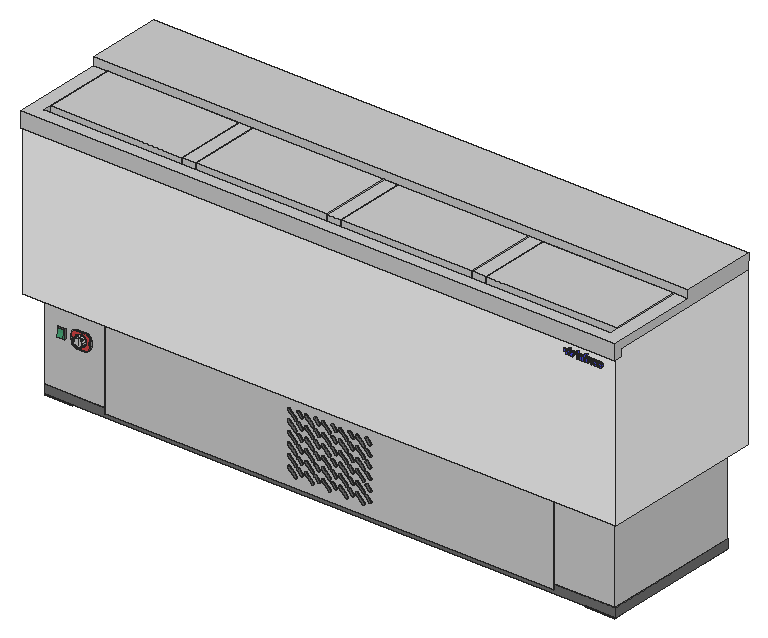
Revit family "QF_INFRICO_EFP2000EG_250807024049", category Specialty Equipment, Revit 2021
Family settings
  Round Connector Dimension = Use Diameter
  Part Type = Normal
  OmniClass Number = 23.40.40.14
  OmniClass Title = Food Service Equipment
  Work Plane-Based = No
  Always vertical = Yes
  Cut with Voids When Loaded = No
  Shared = No
  Room Calculation Point = No
Parameters (values of type "EFP2000EG")
  Weight [instance] = 89.00 kg
  Waste Water Discharge Temperature [instance] = 0 °C
  Waste Remarks [instance] = ""
  Warranty Start Date [instance] = ""
  Warranty Duration [instance] = ""
  Volts [instance] = 230 V
  Volt Free Conn [instance] = no
  URL Recommended Spares List [instance] = ""
  URL Manufacturer [instance] = ""
  URL Cutsheet [instance] = ""
  URL Critical Spares List [instance] = ""
  URL = "www.infrico.com"
  Technical Documentation [instance] = ""
  Tag Number [instance] = ""
  Status [instance] = ""
  Start Up Current [instance] = 0 A
  Specification by User [instance] = ""
  Specification by Manufacturer [instance] = ""
  Sound Level [instance] = ""
  Show Logo [instance] = yes
  Show Clearances [instance] = yes
  Service Life Duration [instance] = ""
  Serial Number [instance] = ""
  Seismic Rating [instance] = ""
  SMACNA No [instance] = ""
  Revision Code [instance] = ""
  Revision [instance] = ""
  Production Year [instance] = ""
  Potential Equalisation [instance] = no
  Point Load [instance] = 0
  Plumbing Connection Type [instance] = ""
  Phase [instance] = 1
  Other Equipment Approvals [instance] = ""
  Operational Current [instance] = 0 A
  Number of Poles [instance] = 2
  No Load Power Draw [instance] = no
  NAFEM Spec ID Number [instance] = ""
  Model Warning [instance] = ""
  Model = "EFP2000EG"
  Min Ckt Ampacity [instance] = 0 A
  Max Overcurrent Protection [instance] = 0 A
  Masterspec [instance] = ""
  Manufacturer = "INFRICO"
  Main switch integrated [instance] = no
  Length Actual [instance] = 1954 mm
  Item Number [instance] = ""
  Installed By [instance] = ""
  Installation Date [instance] = ""
  Indirect Waste Size [instance] = 19.05 mm
  Indirect Waste Remarks [instance] = ""
  Indirect Waste Flow [instance] = 0.0 L/s
  Indirect Waste Connection Type [instance] = ""
  Indirect Waste Connection Height [instance] = 0 mm
  Identify Quantity as Lot [instance] = no
  ID [instance] = ""
  Hygiene Approval [instance] = ""
  Height Actual [instance] = 880 mm
  HP power [instance] = ""
  Furnished By [instance] = ""
  Foodservice Equipment Identifier [instance] = no
  FL Amps [instance] = 0 A
  Electrical Remarks [instance] = ""
  Electric power [instance] = 180 W
  Electric Connection Type [instance] = ""
  Elec Conn RI Height [instance] = 0 mm
  Elec Conn Connection Height [instance] = 0 mm
  ETL Approved [instance] = no
  Direct Waste Water Discharge Temperature [instance] = -273.15 °C
  Direct Waste Size [instance] = 19.05 mm
  Direct Waste RI Height [instance] = 0 mm
  Direct Waste Flow [instance] = 0.0 L/s
  Direct Waste Connection Height [instance] = 0 mm
  Description = "CHEST BOTTLE COOLER FLAT BOTTOM - PRE PAINTED STEEL - FOUR DOORS - R290"
  Depth Actual [instance] = 550 mm
  Default Elevation = 0 mm
  Cycle [instance] = 50 Hz
  Cost = 0
  Connection to energy optimisation system [instance] = yes
  Conn Plug [instance] = ""
  Conn Conduit [instance] = no
  Centralized building control system with digital interface [instance] = ""
  CSI MasterFormat [instance] = ""
  CE Approved [instance] = no
  Barcode [instance] = 0
  Author [instance] = ""
  Asset Identifier [instance] = ""
  Apparent Power [instance] = 180 VA
  Accessory [instance] = no
Reference planes
  plane 1 "Center (Front/Back)": y = 0
  plane 2: z = 0
  plane 3 "Center (Left/Right)": x = 0
Forms (mm)
  Extrusion 1, solid, not visible
    sketch origin (94.005, -271.013, 296.014) x (1, 0, 0) y (0, 1, 0)
      loop
        line (-2, 2) -> (-2, -2) -> (2, -2) -> (2, 2) -> (-2, 2)
    from -2 to 2
  Extrusion 2, solid, not visible
    sketch origin (1794.088, -40.002, 72.004) x (1, 0, 0) y (0, 1, 0)
      loop
        line (-2, 2) -> (-2, -2) -> (2, -2) -> (2, 2) -> (-2, 2)
    from -2 to 2
Dimensions and locks
  locked: nested 2 to Extrusion 1 at 2  (x2)
  locked: nested 3 to Extrusion 2 at 2  (x2)
  aligned and locked: level to plane 2
Nested families
  nested 1: "QF_INFRICO_EFP2000EG_2920" at (0, 0, 0), type "EFP2000EG"
    with Weight 89.00 kg, Warranty Start Date "", Warranty Duration "", URL Cutsheet "", Technical Documentation "", Tag Number "", Status "", Specification by User "", Specification by Manufacturer "", Sound Level "", Solid Fuel Type "", Show Logo yes, Show Clearances yes, Show Clearance yes, Service Life Duration "", Serial Number "", Seismic Rating "", SMACNA No "", Revision Code "", Revision "", Production Year "", Point Load 0, Other Equipment Approvals "", NAFEM Spec ID Number "", Model Warning "", Masterspec "", Length Actual 1954 mm, Item Number "", Installed By "", Installation Date "", Identify Quantity as Lot yes, ID "", Hygiene Approval "", Height Actual 880 mm, Furnished By "", Foodservice Equipment Identifier yes, Finish none, ETL Approved yes, Depth Actual 550 mm, CSI MasterFormat "", CE Approved no, Barcode "", Author "", Asset Identifier "", Accessory no
  nested 2: "CONN_POINT_DRAIN_2D___Generic_Annotation" at (94.005, -271.013, 294.014), type "CONN_POINT_DRAIN_2D___Generic_Annotation"
    with Onboard connection annotation symbol visibility yes
  nested 3: "CONN_POINT_ELE_2D___Generic_Annotation" at (1794.088, -40.002, 70.003), type "CONN_POINT_ELE_2D___Generic_Annotation"
    with Onboard connection annotation symbol visibility yes
Connectors
  piping at (94.005, -271.013, 294.014), diameter 19.05, driven by "Indirect Waste Size", driven by "Direct Waste Flow"
    settings: on Extrusion 1, index 1, connector inside diameter 609.6 mm, connector length 0 mm, flow factor 0, pipe flow 0.0 L/s, pressure drop 0.0 Pa, fitting loss kfactor 0, connector angle 0.00°, fixture units 0, engagement length 0 mm, angle of deflection 0.00°, flow configuration 1, flow direction 2, fitting loss method 0, system type 16, joint type 0, gender type 0, connector reference index -1, connector utility 0, adjustable connector no, is connector primary yes, connector description "Waste connection for EFP2000EG"
  electrical at (1794.088, -40.002, 70.003), driven by "Apparent Power", driven by "Number of Poles", driven by "Volts"
    settings: on Extrusion 2, index 2, voltage 230 V, apparent load 0 VA, apparent load phase1 180 VA, apparent load phase2 0 VA, apparent load phase3 0 VA, power factor 1, load classification "Other", number of poles 2, system type 31, power factor state 1, is connector primary yes, connector utility no, sub classification motor no, connector description "Electrical connection for EFP2000EG"
Definition of nested family "QF_INFRICO_EFP2000EG_2920"
  Parameters (values of type "EFP2000EG")
    Weight [instance] = 0.00 kg
    Warranty Start Date [instance] = ""
    Warranty Duration [instance] = ""
    URL Cutsheet [instance] = ""
    URL = "www.infrico.com"
    Technical Documentation [instance] = ""
    Tag Number [instance] = ""
    Status [instance] = ""
    Specification by User [instance] = ""
    Specification by Manufacturer [instance] = ""
    Sound Level [instance] = ""
    Solid Fuel Type [instance] = ""
    Show Logo [instance] = yes
    Show Clearances [instance] = yes
    Show Clearance [instance] = yes
    Service Life Duration [instance] = ""
    Serial Number [instance] = ""
    Seismic Rating [instance] = ""
    SMACNA No [instance] = ""
    Revision Code [instance] = ""
    Revision [instance] = ""
    Production Year [instance] = ""
    Point Load [instance] = 0
    Other Equipment Approvals [instance] = ""
    NAFEM Spec ID Number [instance] = ""
    Model Warning [instance] = ""
    Model = "EFP2000EG"
    Masterspec [instance] = ""
    Manufacturer = "INFRICO"
    Length Actual [instance] = 0 mm
    Item Number [instance] = ""
    Installed By [instance] = ""
    Installation Date [instance] = ""
    Identify Quantity as Lot [instance] = yes
    ID [instance] = ""
    Hygiene Approval [instance] = ""
    Height Actual [instance] = 0 mm
    Furnished By [instance] = ""
    Foodservice Equipment Identifier [instance] = yes
    Finish [instance] = none
    ETL Approved [instance] = yes
    Description = "CHEST BOTTLE COOLER FLAT BOTTOM - PRE PAINTED STEEL - FOUR DOORS - R290"
    Depth Actual [instance] = 0 mm
    Default Elevation = 0 mm
    CSI MasterFormat [instance] = ""
    CE Approved [instance] = yes
    Barcode [instance] = ""
    Author [instance] = ""
    Asset Identifier [instance] = ""
    Assembly Code = "E1090320"
    Accessory [instance] = yes
  Reference planes
    plane 1 "Back": y = 0
    plane 2: z = 0
    plane 3 "Left": x = 0
    plane 4 "Right": x = 1954
    plane 5 "Front": y = -550
    plane 6 "Top": z = 880
  Forms (mm)
    Extrusion 1, solid
      sketch origin (0, 0, 0) x (0, 1, 0) y (0, 0, 1)
        loop
          line (0, 880) -> (-247, 880) -> (-247, 855) -> (0, 855) -> (0, 880)
      from 0 to 1954
    Extrusion 2, solid
      sketch origin (0, 0, 0) x (1, 0, 0) y (0, 0, 1)
        loop
          line (44, 855) -> (0, 855) -> (0, 830) -> (3, 830) -> (3, 836) -> (44, 836) -> (44, 855)
      from 0 to 510
    Extrusion 3, solid
      sketch origin (1954, 0, 0) x (-1, 0, 0) y (0, 0, -1)
        loop
          line (44, -855) -> (44, -836) -> (3, -836) -> (3, -830) -> (0, -830) -> (0, -855) -> (44, -855)
      from 0 to 510
    Extrusion 4, solid
      sketch origin (0, 0, 0) x (0, 1, 0) y (0, 0, 1)
        loop
          line (-510, 830) -> (-510, 855) -> (-550, 855) -> (-550, 830) -> (-510, 830)
      from 0 to 1954
    Extrusion 5, solid
      sketch origin (2, 0, 0) x (0, 1, 0) y (0, 0, 1)
        loop
          line (-247, 855) -> (-482, 855) -> (-482, 830) -> (-247, 830) -> (-247, 855)
      from 44 to 475
    Extrusion 6, solid
      sketch origin (0, 0, 0) x (0, 1, 0) y (0, 0, 1)
        loop
          line (0, 855) -> (-44, 855) -> (-44, 830) -> (0, 830) -> (0, 855)
      from 44 to 1910
    Extrusion 7, solid
      sketch origin (0, 0, 0) x (1, 0, 0) y (0, 0, 1)
        loop
          line (3, 830) -> (44, 830) -> (44, 836) -> (3, 836) -> (3, 830)
      from 0 to 44
    Extrusion 8, solid
      sketch origin (1907, 0, 0) x (1, 0, 0) y (0, 0, 1)
        loop
          line (3, 830) -> (44, 830) -> (44, 836) -> (3, 836) -> (3, 830)
      from 0 to 44
    Extrusion 9, solid
      sketch origin (3, 0, 0) x (0, 1, 0) y (0, 0, 1)
        loop
          line (-542, 830) -> (-542, 313) -> (-504, 313) -> (-504, 830) -> (-542, 830)
      from 0 to 1948
    Extrusion 10, solid
      sketch origin (3, 0, 0) x (0, 1, 0) y (0, 0, 1)
        loop
          line (-504, 313) -> (0, 313) -> (0, 830) -> (-504, 830) -> (-504, 313)
      from 0 to 1948
    Extrusion 11, solid
      sketch origin (39, 4, 0) x (0, 1, 0) y (0, 0, 1)
        loop
          line (-42, 313) -> (-504, 313) -> (-504, 43) -> (-42, 43) -> (-42, 313)
      from 0 to 200
    Extrusion 12, solid
      sketch origin (1715, 4, 0) x (0, 1, 0) y (0, 0, 1)
        loop
          line (-42, 313) -> (-504, 313) -> (-504, 43) -> (-42, 43) -> (-42, 313)
      from 0 to 200
    Extrusion 13, solid
      sketch origin (0, 4, 0) x (1, 0, 0) y (0, 0, 1)
        loop
          line (239, 313) -> (239, 23) -> (1715, 23) -> (1715, 313) -> (239, 313)
      from 42 to 52
    Extrusion 14, solid
      sketch origin (0, -448, 0) x (1, 0, 0) y (0, 0, 1)
        loop
          line (239, 313) -> (239, 23) -> (1715, 23) -> (1715, 313) -> (239, 313)
      from 42 to 52
    Extrusion 15, solid
      sketch origin (-961, 4, 13) x (1, 0, 0) y (0, 1, 0)
        loop
          line (1000, -42) -> (1000, -504) -> (1200, -504) -> (1200, -474) -> (1030, -474) -> (1030, -72) -> (1200, -72) -> (1200, -42) -> (1000, -42)
      from 0 to 30
    Extrusion 16, solid
      sketch origin (2915, 4, 13) x (-1, 0, 0) y (0, -1, 0)
        loop
          line (998.35, 42) -> (1200, 42) -> (1200, 72) -> (1030, 72) -> (1030, 474) -> (1200, 474) -> (1200, 504) -> (998.35, 504) -> (998.35, 42)
      from 0 to 30
    Extrusion 17, solid
      sketch origin (-1000, 4, 0) x (1, 0, 0) y (0, 1, 0)
        loop
          line (1239, -504) -> (2715, -504) -> (2715, -494) -> (1239, -494) -> (1239, -504)
      from 13 to 23
    Extrusion 18, solid
      sketch origin (-1000, 456, 0) x (1, 0, 0) y (0, 1, 0)
        loop
          line (1239, -504) -> (2715, -504) -> (2715, -494) -> (1239, -494) -> (1239, -504)
      from 13 to 23
    Extrusion 19, solid
      sketch origin (-1000, 4, 0) x (1, 0, 0) y (0, 1, 0)
        loop
          line (1239, -72) -> (2715, -72) -> (2715, -52) -> (1239, -52) -> (1239, -72)
      from 13 to 43
    Extrusion 20, solid
      sketch origin (-1000, -418, 0) x (1, 0, 0) y (0, 1, 0)
        loop
          line (1239, -72) -> (2715, -72) -> (2715, -52) -> (1239, -52) -> (1239, -72)
      from 13 to 43
    Extrusion 21, solid
      sketch origin (39, 4, 10) x (1, 0, 0) y (0, 1, 0)
        loop
          line (0, -42) -> (0, -137) -> (95, -42) -> (0, -42)
      from 0 to 3
    Extrusion 22, solid
      sketch origin (1915, 4, 10) x (-1, 0, 0) y (0, -1, 0)
        loop
          line (0, 42) -> (95, 42) -> (0, 137) -> (0, 42)
      from 0 to 3
    Extrusion 23, solid
      sketch origin (39, -542, 10) x (1, 0, 0) y (0, 1, 0)
        loop
          line (0, 42) -> (95, 42) -> (0, 137) -> (0, 42)
      from 0 to 3
    Extrusion 24, solid
      sketch origin (1915, -542, 10) x (-1, 0, 0) y (0, -1, 0)
        loop
          line (0, -42) -> (0, -137) -> (95, -42) -> (0, -42)
      from 0 to 3
    Revolve 25, solid
      sketch origin (67, 4, 0) x (0, 1, 0) y (0, 0, 1)
        loop
          line (-70, 0) -> (-66, 0)
          arc (-66, 0) -> (-56.372, 2.368) -> (-49, 9) r 20.382
          arc (-49, 9) -> (-48.132, 9.763) -> (-47, 10) r 2.271
          line (-47, 10) -> (-70, 10) -> (-70, 0)
        axis (-70, 0) -> (-70, 10)
      angle from 0 to 360
    Revolve 26, solid
      sketch origin (1887, 4, 0) x (0, 1, 0) y (0, 0, -1)
        loop
          line (-70, 0) -> (-70, -10) -> (-47, -10)
          arc (-47, -10) -> (-48.132, -9.763) -> (-49, -9) r 2.271
          arc (-49, -9) -> (-56.372, -2.368) -> (-66, 0) r 20.382
          line (-66, 0) -> (-70, 0)
        axis (-70, 0) -> (-70, -10)
      angle from 0 to 360
    Revolve 27, solid
      sketch origin (67, -402, 0) x (0, 1, 0) y (0, 0, 1)
        loop
          line (-70, 0) -> (-66, 0)
          arc (-66, 0) -> (-56.372, 2.368) -> (-49, 9) r 20.382
          arc (-49, 9) -> (-48.132, 9.763) -> (-47, 10) r 2.271
          line (-47, 10) -> (-70, 10) -> (-70, 0)
        axis (-70, 0) -> (-70, 10)
      angle from 0 to 360
    Revolve 28, solid
      sketch origin (1887, -402, 0) x (0, 1, 0) y (0, 0, -1)
        loop
          line (-70, 0) -> (-70, -10) -> (-47, -10)
          arc (-47, -10) -> (-48.132, -9.763) -> (-49, -9) r 2.271
          arc (-49, -9) -> (-56.372, -2.368) -> (-66, 0) r 20.382
          line (-66, 0) -> (-70, 0)
        axis (-70, 0) -> (-70, -10)
      angle from 0 to 360
    Extrusion 29, solid, visible <- "Show Logo"
      sketch origin (620.682, -542, 67.214) x (1, 0, 0) y (0, 0, 1)
        loop
          line (1208.799, 696.53) -> (1208.799, 719.204) -> (1204.173, 719.204) -> (1204.173, 696.53) -> (1208.799, 696.53)
        loop
          line (1214.779, 713.006) -> (1211.283, 713.006) -> (1211.283, 696.53) -> (1215.772, 696.53) -> (1215.772, 707.832)
          arc (1215.772, 707.832) -> (1217.528, 708.741) -> (1219.417, 709.324) r 11.052
          arc (1219.417, 709.324) -> (1220.929, 708.961) -> (1221.598, 707.557) r 1.806
          line (1221.598, 707.557) -> (1221.598, 696.53) -> (1226.121, 696.53) -> (1226.121, 708.689)
          arc (1226.121, 708.689) -> (1224.637, 712.075) -> (1221.141, 713.281) r 4.607
          arc (1221.141, 713.281) -> (1218.282, 712.674) -> (1215.669, 711.361) r 11.435
          line (1215.669, 711.361) -> (1215.601, 712.184)
          arc (1215.601, 712.184) -> (1215.36, 712.765) -> (1214.779, 713.006) r 0.822
        loop
          line (1238.557, 720.102) -> (1237.306, 720.102)
          arc (1237.306, 720.102) -> (1235.052, 719.926) -> (1232.881, 719.297) r 11.103
          arc (1232.881, 719.297) -> (1230.805, 717.616) -> (1230.024, 715.062) r 4.567
          line (1230.024, 715.062) -> (1230.024, 712.909) -> (1227.351, 712.703) -> (1227.351, 709.374) -> (1230.024, 709.374) -> (1230.024, 696.53) -> (1234.547, 696.53) -> (1234.547, 709.374) -> (1238.249, 709.374) -> (1238.249, 712.938) -> (1234.547, 712.938) -> (1234.547, 714.548)
          arc (1234.547, 714.548) -> (1234.956, 715.705) -> (1236.045, 716.271) r 1.67
          line (1236.045, 716.271) -> (1237.7, 716.399)
          arc (1237.7, 716.399) -> (1238.306, 716.65) -> (1238.557, 717.255) r 0.857
          line (1238.557, 717.255) -> (1238.557, 720.102)
        loop
          line (1239.479, 713.006) -> (1239.479, 696.53) -> (1243.968, 696.53) -> (1243.968, 707.352)
          arc (1243.968, 707.352) -> (1245.873, 708.631) -> (1248.077, 709.268) r 7.435
          line (1248.077, 709.268) -> (1249.241, 709.416)
          arc (1249.241, 709.416) -> (1249.643, 709.758) -> (1249.793, 710.265) r 0.928
          line (1249.793, 710.265) -> (1249.793, 712.458)
          arc (1249.793, 712.458) -> (1249.531, 713.061) -> (1248.912, 713.28) r 0.824
          arc (1248.912, 713.28) -> (1246.197, 712.588) -> (1243.899, 710.984) r 7.833
          line (1243.899, 710.984) -> (1243.726, 713.006) -> (1239.479, 713.006)
        loop
          line (1255.495, 696.53) -> (1255.495, 713.006) -> (1251.006, 713.006) -> (1251.006, 696.53) -> (1255.495, 696.53)
        loop
          arc (1257.421, 701.327) -> (1258.567, 698.188) -> (1261.466, 696.525) r 4.873
          arc (1261.466, 696.525) -> (1264.493, 696.266) -> (1267.521, 696.525) r 17.816
          arc (1267.521, 696.525) -> (1270.575, 699.134) -> (1271.505, 703.041) r 6.481
          line (1271.505, 703.041) -> (1267.187, 703.041) -> (1267.187, 701.67)
          arc (1267.187, 701.67) -> (1266.64, 700.452) -> (1265.442, 699.865) r 1.965
          arc (1265.442, 699.865) -> (1264.547, 699.816) -> (1263.653, 699.865) r 8.196
          arc (1263.653, 699.865) -> (1262.417, 700.415) -> (1261.91, 701.67) r 1.806
          line (1261.91, 701.67) -> (1261.91, 707.9)
          arc (1261.91, 707.9) -> (1262.417, 709.155) -> (1263.653, 709.705) r 1.806
          arc (1263.653, 709.705) -> (1264.547, 709.754) -> (1265.442, 709.705) r 8.196
          arc (1265.442, 709.705) -> (1266.64, 709.118) -> (1267.187, 707.9) r 1.965
          line (1267.187, 707.9) -> (1267.187, 706.838) -> (1271.505, 706.838)
          arc (1271.505, 706.838) -> (1270.524, 710.556) -> (1267.521, 712.959) r 6.132
          arc (1267.521, 712.959) -> (1264.493, 713.294) -> (1261.466, 712.959) r 13.851
          arc (1261.466, 712.959) -> (1258.571, 711.349) -> (1257.421, 708.243) r 4.772
          line (1257.421, 708.243) -> (1257.421, 701.327)
        loop
          arc (1272.916, 701.329) -> (1273.993, 698.345) -> (1276.726, 696.734) r 4.676
          arc (1276.726, 696.734) -> (1278.515, 696.455) -> (1280.318, 696.291) r 28.371
          arc (1280.318, 696.291) -> (1282.122, 696.455) -> (1283.911, 696.734) r 28.371
          arc (1283.911, 696.734) -> (1286.644, 698.345) -> (1287.72, 701.329) r 4.676
          line (1287.72, 701.329) -> (1287.72, 708.242)
          arc (1287.72, 708.242) -> (1286.644, 711.226) -> (1283.911, 712.837) r 4.676
          arc (1283.911, 712.837) -> (1282.122, 713.116) -> (1280.318, 713.28) r 28.371
          arc (1280.318, 713.28) -> (1278.515, 713.116) -> (1276.726, 712.837) r 28.371
          arc (1276.726, 712.837) -> (1273.993, 711.226) -> (1272.916, 708.242) r 4.676
          line (1272.916, 708.242) -> (1272.916, 701.329)
        loop
          line (1277.405, 707.866) -> (1277.405, 701.705)
          arc (1277.405, 701.705) -> (1277.844, 700.556) -> (1278.936, 699.991) r 1.725
          arc (1278.936, 699.991) -> (1279.627, 699.918) -> (1280.318, 699.856) r 46.133
          arc (1280.318, 699.856) -> (1281.01, 699.918) -> (1281.701, 699.991) r 46.133
          arc (1281.701, 699.991) -> (1282.793, 700.556) -> (1283.231, 701.705) r 1.725
          line (1283.231, 701.705) -> (1283.231, 707.866)
          arc (1283.231, 707.866) -> (1282.793, 709.015) -> (1281.701, 709.58) r 1.725
          arc (1281.701, 709.58) -> (1281.01, 709.653) -> (1280.318, 709.716) r 46.133
          arc (1280.318, 709.716) -> (1279.627, 709.653) -> (1278.936, 709.58) r 46.133
          arc (1278.936, 709.58) -> (1277.844, 709.015) -> (1277.405, 707.866) r 1.725
        loop
          arc (1190.339, 696.543) -> (1191.411, 696.987) -> (1191.856, 698.059) r 1.516
          line (1191.856, 698.059) -> (1191.856, 703.891) -> (1196.035, 703.891)
          arc (1196.035, 703.891) -> (1196.79, 704.121) -> (1197.218, 704.782) r 1.147
          line (1197.218, 704.782) -> (1197.218, 706.211)
          arc (1197.218, 706.211) -> (1196.787, 707.258) -> (1195.719, 707.634) r 1.385
          line (1195.719, 707.634) -> (1194.52, 707.634) -> (1197.218, 710.332)
          arc (1197.218, 710.332) -> (1197.605, 711.266) -> (1197.218, 712.2) r 1.321
          line (1197.218, 712.2) -> (1196.495, 712.923)
          arc (1196.495, 712.923) -> (1195.54, 713.338) -> (1194.558, 712.991) r 1.422
          line (1194.558, 712.991) -> (1191.853, 710.286) -> (1191.853, 711.479)
          arc (1191.853, 711.479) -> (1191.443, 712.516) -> (1190.435, 712.992) r 1.516
          line (1190.435, 712.992) -> (1189.514, 712.992)
          arc (1189.514, 712.992) -> (1188.511, 712.514) -> (1188.103, 711.479) r 1.516
          line (1188.103, 711.479) -> (1188.103, 706.83) -> (1182.073, 701.336) -> (1182.073, 707.509) -> (1185.639, 711.075)
          arc (1185.639, 711.075) -> (1186.053, 712.073) -> (1185.639, 713.071) r 1.412
          line (1185.639, 713.071) -> (1184.987, 713.723)
          arc (1184.987, 713.723) -> (1183.939, 714.141) -> (1182.915, 713.667) r 1.428
          line (1182.915, 713.667) -> (1182.073, 712.825) -> (1182.073, 717.784)
          arc (1182.073, 717.784) -> (1181.658, 718.787) -> (1180.655, 719.203) r 1.418
          line (1180.655, 719.203) -> (1179.726, 719.203)
          arc (1179.726, 719.203) -> (1178.723, 718.787) -> (1178.308, 717.784) r 1.418
          line (1178.308, 717.784) -> (1178.308, 712.825) -> (1177.466, 713.667)
          arc (1177.466, 713.667) -> (1176.442, 714.141) -> (1175.394, 713.723) r 1.428
          line (1175.394, 713.723) -> (1174.742, 713.071)
          arc (1174.742, 713.071) -> (1174.328, 712.073) -> (1174.742, 711.075) r 1.412
          line (1174.742, 711.075) -> (1178.308, 707.509) -> (1178.308, 701.336) -> (1172.278, 706.83) -> (1172.278, 711.479)
          arc (1172.278, 711.479) -> (1171.87, 712.514) -> (1170.867, 712.992) r 1.516
          line (1170.867, 712.992) -> (1169.946, 712.992)
          arc (1169.946, 712.992) -> (1168.938, 712.516) -> (1168.528, 711.479) r 1.516
          line (1168.528, 711.479) -> (1168.528, 710.286) -> (1165.823, 712.991)
          arc (1165.823, 712.991) -> (1164.841, 713.338) -> (1163.886, 712.923) r 1.422
          line (1163.886, 712.923) -> (1163.163, 712.2)
          arc (1163.163, 712.2) -> (1162.776, 711.266) -> (1163.163, 710.332) r 1.321
          line (1163.163, 710.332) -> (1165.861, 707.634) -> (1164.662, 707.634)
          arc (1164.662, 707.634) -> (1163.594, 707.258) -> (1163.163, 706.211) r 1.385
          line (1163.163, 706.211) -> (1163.163, 704.782)
          arc (1163.163, 704.782) -> (1163.591, 704.121) -> (1164.346, 703.891) r 1.147
          line (1164.346, 703.891) -> (1168.525, 703.891) -> (1168.525, 698.059)
          arc (1168.525, 698.059) -> (1168.969, 696.987) -> (1170.042, 696.543) r 1.516
          line (1170.042, 696.543) -> (1190.339, 696.543)
      from 0 to 2
    Extrusion 30, solid
      sketch origin (106, -500, 1257.457) x (0, -1, 0) y (0, 0, 1)
        loop
          line (0, -1056.457) -> (2, -1056.457)
          arc (2, -1056.457) -> (5.042, -1056.207) -> (8.002, -1055.466) r 18.678
          arc (8.002, -1055.466) -> (4.242, -1043.724) -> (3, -1031.457) r 59.104
          line (3, -1031.457) -> (0, -1031.457) -> (0, -1056.457)
      from 0 to 19
    Extrusion 31, solid
      sketch origin (106, -502, 1257.457) x (-1, 0, 0) y (0, 0, 1)
        loop
          line (22, -1028.457) -> (-3, -1028.457) -> (-3, -1059.457) -> (22, -1059.457) -> (22, -1028.457)
      from 0 to 2
    Extrusion 32, solid
      sketch origin (-20.187, -500, 114.047) x (1, 0, 0) y (0, 0, 1)
        loop
          line (169.187, 71.953) -> (194.187, 71.953)
          arc (194.187, 71.953) -> (208.329, 77.811) -> (214.187, 91.953) r 20
          line (214.187, 91.953) -> (214.187, 106.953)
          arc (214.187, 106.953) -> (208.329, 121.095) -> (194.187, 126.953) r 20
          line (194.187, 126.953) -> (169.187, 126.953)
          arc (169.187, 126.953) -> (155.045, 121.095) -> (149.187, 106.953) r 20
          line (149.187, 106.953) -> (149.187, 91.953)
          arc (149.187, 91.953) -> (155.045, 77.811) -> (169.187, 71.953) r 20
      from 0 to 2
    Extrusion 33, solid
      sketch origin (-20.187, -500.1, 114.047) x (1, 0, 0) y (0, 0, 1)
        loop
          arc (169.187, 124.953) -> (156.459, 119.681) -> (151.187, 106.953) r 18
          line (151.187, 106.953) -> (151.187, 103.953)
          arc (151.187, 103.953) -> (155.687, 99.453) -> (151.187, 94.953) r 4.5
          line (151.187, 94.953) -> (151.187, 91.953)
          arc (151.187, 91.953) -> (156.459, 79.225) -> (169.187, 73.953) r 18
          line (169.187, 73.953) -> (194.187, 73.953)
          arc (194.187, 73.953) -> (206.915, 79.225) -> (212.187, 91.953) r 18
          line (212.187, 91.953) -> (212.187, 94.953)
          arc (212.187, 94.953) -> (207.687, 99.453) -> (212.187, 103.953) r 4.5
          line (212.187, 103.953) -> (212.187, 106.953)
          arc (212.187, 106.953) -> (206.915, 119.681) -> (194.187, 124.953) r 18
          line (194.187, 124.953) -> (169.187, 124.953)
        loop
          circle (181.687, 99.453) r 20
      from 0 to 2
    Revolve 34, solid
      sketch origin (161.5, 4, 91.547) x (0, 1, 0) y (0, 0, 1)
        loop
          line (-506, 126.953) -> (-508, 126.953) -> (-508, 137.953) -> (-519, 135.953) -> (-519, 121.953) -> (-506, 121.953) -> (-506, 126.953)
        axis (-506, 121.953) -> (-519, 121.953)
      angle from 0 to 360
    Extrusion 35, solid
      sketch origin (-13.5, 4, 14.5) x (1, 0, 0) y (0, 0, 1)
        loop
          arc (172.5, 212.775) -> (175, 213) -> (177.5, 212.775) r 14
          line (177.5, 212.775) -> (177.5, 214.803)
          arc (177.5, 214.803) -> (175, 215) -> (172.5, 214.803) r 16
          line (172.5, 214.803) -> (172.5, 212.775)
        loop
          line (172.5, 185.225) -> (172.5, 183.197)
          arc (172.5, 183.197) -> (175, 183) -> (177.5, 183.197) r 16
          line (177.5, 183.197) -> (177.5, 185.225)
          arc (177.5, 185.225) -> (175, 185) -> (172.5, 185.225) r 14
        loop
          arc (161.225, 196.5) -> (161, 199) -> (161.225, 201.5) r 14
          line (161.225, 201.5) -> (159.197, 201.5)
          arc (159.197, 201.5) -> (159, 199) -> (159.197, 196.5) r 16
          line (159.197, 196.5) -> (161.225, 196.5)
        loop
          line (188.775, 196.5) -> (190.803, 196.5)
          arc (190.803, 196.5) -> (191, 199) -> (190.803, 201.5) r 16
          line (190.803, 201.5) -> (188.775, 201.5)
          arc (188.775, 201.5) -> (189, 199) -> (188.775, 196.5) r 14
        loop
          arc (182.973, 210.508) -> (184.899, 208.899) -> (186.508, 206.973) r 14
          line (186.508, 206.973) -> (187.943, 208.407)
          arc (187.943, 208.407) -> (186.314, 210.314) -> (184.407, 211.943) r 16
          line (184.407, 211.943) -> (182.973, 210.508)
        loop
          line (163.492, 191.027) -> (162.057, 189.593)
          arc (162.057, 189.593) -> (163.686, 187.686) -> (165.593, 186.057) r 16
          line (165.593, 186.057) -> (167.027, 187.492)
          arc (167.027, 187.492) -> (165.101, 189.101) -> (163.492, 191.027) r 14
        loop
          arc (163.492, 206.973) -> (165.101, 208.899) -> (167.027, 210.508) r 14
          line (167.027, 210.508) -> (165.593, 211.943)
          arc (165.593, 211.943) -> (163.686, 210.314) -> (162.057, 208.407) r 16
          line (162.057, 208.407) -> (163.492, 206.973)
        loop
          line (182.973, 187.492) -> (184.407, 186.057)
          arc (184.407, 186.057) -> (186.314, 187.686) -> (187.943, 189.593) r 16
          line (187.943, 189.593) -> (186.508, 191.027)
          arc (186.508, 191.027) -> (184.899, 189.101) -> (182.973, 187.492) r 14
      from 508 to 519
    Extrusion 36, solid
      sketch origin (2051.344, -500.1, 72.143) x (-1, 0, 0) y (0, 0, 1)
        loop
          line (1188.944, -17.063) -> (1210.865, 4.857)
          arc (1210.865, 4.857) -> (1210.865, 11.221) -> (1204.501, 11.221) r 4.5
          line (1204.501, 11.221) -> (1182.58, -10.699)
          arc (1182.58, -10.699) -> (1182.58, -17.063) -> (1188.944, -17.063) r 4.5
        loop
          line (1168.187, -4.093) -> (1179.501, 7.221)
          arc (1179.501, 7.221) -> (1179.501, 13.585) -> (1173.137, 13.585) r 4.5
          line (1173.137, 13.585) -> (1161.823, 2.271)
          arc (1161.823, 2.271) -> (1161.823, -4.093) -> (1168.187, -4.093) r 4.5
        loop
          line (1188.944, 16.937) -> (1210.865, 38.857)
          arc (1210.865, 38.857) -> (1210.865, 45.221) -> (1204.501, 45.221) r 4.5
          line (1204.501, 45.221) -> (1182.58, 23.301)
          arc (1182.58, 23.301) -> (1182.58, 16.937) -> (1188.944, 16.937) r 4.5
        loop
          line (1168.187, 29.907) -> (1179.501, 41.221)
          arc (1179.501, 41.221) -> (1179.501, 47.585) -> (1173.137, 47.585) r 4.5
          line (1173.137, 47.585) -> (1161.823, 36.271)
          arc (1161.823, 36.271) -> (1161.823, 29.907) -> (1168.187, 29.907) r 4.5
        loop
          line (1188.944, 50.937) -> (1210.865, 72.857)
          arc (1210.865, 72.857) -> (1210.865, 79.221) -> (1204.501, 79.221) r 4.5
          line (1204.501, 79.221) -> (1182.58, 57.301)
          arc (1182.58, 57.301) -> (1182.58, 50.937) -> (1188.944, 50.937) r 4.5
        loop
          line (1168.187, 63.907) -> (1179.501, 75.221)
          arc (1179.501, 75.221) -> (1179.501, 81.585) -> (1173.137, 81.585) r 4.5
          line (1173.137, 81.585) -> (1161.823, 70.271)
          arc (1161.823, 70.271) -> (1161.823, 63.907) -> (1168.187, 63.907) r 4.5
        loop
          line (1188.944, 84.937) -> (1210.865, 106.857)
          arc (1210.865, 106.857) -> (1210.865, 113.221) -> (1204.501, 113.221) r 4.5
          line (1204.501, 113.221) -> (1182.58, 91.301)
          arc (1182.58, 91.301) -> (1182.58, 84.937) -> (1188.944, 84.937) r 4.5
        loop
          line (1168.187, 97.907) -> (1179.501, 109.221)
          arc (1179.501, 109.221) -> (1179.501, 115.585) -> (1173.137, 115.585) r 4.5
          line (1173.137, 115.585) -> (1161.823, 104.271)
          arc (1161.823, 104.271) -> (1161.823, 97.907) -> (1168.187, 97.907) r 4.5
        loop
          line (1188.944, 118.937) -> (1210.865, 140.857)
          arc (1210.865, 140.857) -> (1210.865, 147.221) -> (1204.501, 147.221) r 4.5
          line (1204.501, 147.221) -> (1182.58, 125.301)
          arc (1182.58, 125.301) -> (1182.58, 118.937) -> (1188.944, 118.937) r 4.5
        loop
          line (1168.187, 131.907) -> (1179.501, 143.221)
          arc (1179.501, 143.221) -> (1179.501, 149.585) -> (1173.137, 149.585) r 4.5
          line (1173.137, 149.585) -> (1161.823, 138.271)
          arc (1161.823, 138.271) -> (1161.823, 131.907) -> (1168.187, 131.907) r 4.5
        loop
          line (1188.944, 152.937) -> (1210.865, 174.857)
          arc (1210.865, 174.857) -> (1210.865, 181.221) -> (1204.501, 181.221) r 4.5
          line (1204.501, 181.221) -> (1182.58, 159.301)
          arc (1182.58, 159.301) -> (1182.58, 152.937) -> (1188.944, 152.937) r 4.5
        loop
          line (1168.187, 165.907) -> (1179.501, 177.221)
          arc (1179.501, 177.221) -> (1179.501, 183.585) -> (1173.137, 183.585) r 4.5
          line (1173.137, 183.585) -> (1161.823, 172.271)
          arc (1161.823, 172.271) -> (1161.823, 165.907) -> (1168.187, 165.907) r 4.5
        loop
          line (1132.944, -17.063) -> (1154.865, 4.857)
          arc (1154.865, 4.857) -> (1154.865, 11.221) -> (1148.501, 11.221) r 4.5
          line (1148.501, 11.221) -> (1126.58, -10.699)
          arc (1126.58, -10.699) -> (1126.58, -17.063) -> (1132.944, -17.063) r 4.5
        loop
          line (1112.187, -4.093) -> (1123.501, 7.221)
          arc (1123.501, 7.221) -> (1123.501, 13.585) -> (1117.137, 13.585) r 4.5
          line (1117.137, 13.585) -> (1105.823, 2.271)
          arc (1105.823, 2.271) -> (1105.823, -4.093) -> (1112.187, -4.093) r 4.5
        loop
          line (1132.944, 16.937) -> (1154.865, 38.857)
          arc (1154.865, 38.857) -> (1154.865, 45.221) -> (1148.501, 45.221) r 4.5
          line (1148.501, 45.221) -> (1126.58, 23.301)
          arc (1126.58, 23.301) -> (1126.58, 16.937) -> (1132.944, 16.937) r 4.5
        loop
          line (1112.187, 29.907) -> (1123.501, 41.221)
          arc (1123.501, 41.221) -> (1123.501, 47.585) -> (1117.137, 47.585) r 4.5
          line (1117.137, 47.585) -> (1105.823, 36.271)
          arc (1105.823, 36.271) -> (1105.823, 29.907) -> (1112.187, 29.907) r 4.5
        loop
          line (1132.944, 50.937) -> (1154.865, 72.857)
          arc (1154.865, 72.857) -> (1154.865, 79.221) -> (1148.501, 79.221) r 4.5
          line (1148.501, 79.221) -> (1126.58, 57.301)
          arc (1126.58, 57.301) -> (1126.58, 50.937) -> (1132.944, 50.937) r 4.5
        loop
          line (1112.187, 63.907) -> (1123.501, 75.221)
          arc (1123.501, 75.221) -> (1123.501, 81.585) -> (1117.137, 81.585) r 4.5
          line (1117.137, 81.585) -> (1105.823, 70.271)
          arc (1105.823, 70.271) -> (1105.823, 63.907) -> (1112.187, 63.907) r 4.5
        loop
          line (1132.944, 84.937) -> (1154.865, 106.857)
          arc (1154.865, 106.857) -> (1154.865, 113.221) -> (1148.501, 113.221) r 4.5
          line (1148.501, 113.221) -> (1126.58, 91.301)
          arc (1126.58, 91.301) -> (1126.58, 84.937) -> (1132.944, 84.937) r 4.5
        loop
          line (1112.187, 97.907) -> (1123.501, 109.221)
          arc (1123.501, 109.221) -> (1123.501, 115.585) -> (1117.137, 115.585) r 4.5
          line (1117.137, 115.585) -> (1105.823, 104.271)
          arc (1105.823, 104.271) -> (1105.823, 97.907) -> (1112.187, 97.907) r 4.5
        loop
          line (1132.944, 118.937) -> (1154.865, 140.857)
          arc (1154.865, 140.857) -> (1154.865, 147.221) -> (1148.501, 147.221) r 4.5
          line (1148.501, 147.221) -> (1126.58, 125.301)
          arc (1126.58, 125.301) -> (1126.58, 118.937) -> (1132.944, 118.937) r 4.5
        loop
          line (1112.187, 131.907) -> (1123.501, 143.221)
          arc (1123.501, 143.221) -> (1123.501, 149.585) -> (1117.137, 149.585) r 4.5
          line (1117.137, 149.585) -> (1105.823, 138.271)
          arc (1105.823, 138.271) -> (1105.823, 131.907) -> (1112.187, 131.907) r 4.5
        loop
          line (1132.944, 152.937) -> (1154.865, 174.857)
          arc (1154.865, 174.857) -> (1154.865, 181.221) -> (1148.501, 181.221) r 4.5
          line (1148.501, 181.221) -> (1126.58, 159.301)
          arc (1126.58, 159.301) -> (1126.58, 152.937) -> (1132.944, 152.937) r 4.5
        loop
          line (1112.187, 165.907) -> (1123.501, 177.221)
          arc (1123.501, 177.221) -> (1123.501, 183.585) -> (1117.137, 183.585) r 4.5
          line (1117.137, 183.585) -> (1105.823, 172.271)
          arc (1105.823, 172.271) -> (1105.823, 165.907) -> (1112.187, 165.907) r 4.5
        loop
          line (1076.944, -17.063) -> (1098.865, 4.857)
          arc (1098.865, 4.857) -> (1098.865, 11.221) -> (1092.501, 11.221) r 4.5
          line (1092.501, 11.221) -> (1070.58, -10.699)
          arc (1070.58, -10.699) -> (1070.58, -17.063) -> (1076.944, -17.063) r 4.5
        loop
          line (1056.187, -4.093) -> (1067.501, 7.221)
          arc (1067.501, 7.221) -> (1067.501, 13.585) -> (1061.137, 13.585) r 4.5
          line (1061.137, 13.585) -> (1049.823, 2.271)
          arc (1049.823, 2.271) -> (1049.823, -4.093) -> (1056.187, -4.093) r 4.5
        loop
          line (1076.944, 16.937) -> (1098.865, 38.857)
          arc (1098.865, 38.857) -> (1098.865, 45.221) -> (1092.501, 45.221) r 4.5
          line (1092.501, 45.221) -> (1070.58, 23.301)
          arc (1070.58, 23.301) -> (1070.58, 16.937) -> (1076.944, 16.937) r 4.5
        loop
          line (1056.187, 29.907) -> (1067.501, 41.221)
          arc (1067.501, 41.221) -> (1067.501, 47.585) -> (1061.137, 47.585) r 4.5
          line (1061.137, 47.585) -> (1049.823, 36.271)
          arc (1049.823, 36.271) -> (1049.823, 29.907) -> (1056.187, 29.907) r 4.5
        loop
          line (1076.944, 50.937) -> (1098.865, 72.857)
          arc (1098.865, 72.857) -> (1098.865, 79.221) -> (1092.501, 79.221) r 4.5
          line (1092.501, 79.221) -> (1070.58, 57.301)
          arc (1070.58, 57.301) -> (1070.58, 50.937) -> (1076.944, 50.937) r 4.5
        loop
          line (1056.187, 63.907) -> (1067.501, 75.221)
          arc (1067.501, 75.221) -> (1067.501, 81.585) -> (1061.137, 81.585) r 4.5
          line (1061.137, 81.585) -> (1049.823, 70.271)
          arc (1049.823, 70.271) -> (1049.823, 63.907) -> (1056.187, 63.907) r 4.5
        loop
          line (1076.944, 84.937) -> (1098.865, 106.857)
          arc (1098.865, 106.857) -> (1098.865, 113.221) -> (1092.501, 113.221) r 4.5
          line (1092.501, 113.221) -> (1070.58, 91.301)
          arc (1070.58, 91.301) -> (1070.58, 84.937) -> (1076.944, 84.937) r 4.5
        loop
          line (1056.187, 97.907) -> (1067.501, 109.221)
          arc (1067.501, 109.221) -> (1067.501, 115.585) -> (1061.137, 115.585) r 4.5
          line (1061.137, 115.585) -> (1049.823, 104.271)
          arc (1049.823, 104.271) -> (1049.823, 97.907) -> (1056.187, 97.907) r 4.5
        loop
          line (1076.944, 118.937) -> (1098.865, 140.857)
          arc (1098.865, 140.857) -> (1098.865, 147.221) -> (1092.501, 147.221) r 4.5
          line (1092.501, 147.221) -> (1070.58, 125.301)
          arc (1070.58, 125.301) -> (1070.58, 118.937) -> (1076.944, 118.937) r 4.5
        loop
          line (1056.187, 131.907) -> (1067.501, 143.221)
          arc (1067.501, 143.221) -> (1067.501, 149.585) -> (1061.137, 149.585) r 4.5
          line (1061.137, 149.585) -> (1049.823, 138.271)
          arc (1049.823, 138.271) -> (1049.823, 131.907) -> (1056.187, 131.907) r 4.5
        loop
          line (1076.944, 152.937) -> (1098.865, 174.857)
          arc (1098.865, 174.857) -> (1098.865, 181.221) -> (1092.501, 181.221) r 4.5
          line (1092.501, 181.221) -> (1070.58, 159.301)
          arc (1070.58, 159.301) -> (1070.58, 152.937) -> (1076.944, 152.937) r 4.5
        loop
          line (1056.187, 165.907) -> (1067.501, 177.221)
          arc (1067.501, 177.221) -> (1067.501, 183.585) -> (1061.137, 183.585) r 4.5
          line (1061.137, 183.585) -> (1049.823, 172.271)
          arc (1049.823, 172.271) -> (1049.823, 165.907) -> (1056.187, 165.907) r 4.5
        loop
          line (1020.944, -17.063) -> (1042.865, 4.857)
          arc (1042.865, 4.857) -> (1042.865, 11.221) -> (1036.501, 11.221) r 4.5
          line (1036.501, 11.221) -> (1014.58, -10.699)
          arc (1014.58, -10.699) -> (1014.58, -17.063) -> (1020.944, -17.063) r 4.5
        loop
          line (1000.187, -4.093) -> (1011.501, 7.221)
          arc (1011.501, 7.221) -> (1011.501, 13.585) -> (1005.137, 13.585) r 4.5
          line (1005.137, 13.585) -> (993.823, 2.271)
          arc (993.823, 2.271) -> (993.823, -4.093) -> (1000.187, -4.093) r 4.5
        loop
          line (1020.944, 16.937) -> (1042.865, 38.857)
          arc (1042.865, 38.857) -> (1042.865, 45.221) -> (1036.501, 45.221) r 4.5
          line (1036.501, 45.221) -> (1014.58, 23.301)
          arc (1014.58, 23.301) -> (1014.58, 16.937) -> (1020.944, 16.937) r 4.5
        loop
          line (1000.187, 29.907) -> (1011.501, 41.221)
          arc (1011.501, 41.221) -> (1011.501, 47.585) -> (1005.137, 47.585) r 4.5
          line (1005.137, 47.585) -> (993.823, 36.271)
          arc (993.823, 36.271) -> (993.823, 29.907) -> (1000.187, 29.907) r 4.5
        loop
          line (1020.944, 50.937) -> (1042.865, 72.857)
          arc (1042.865, 72.857) -> (1042.865, 79.221) -> (1036.501, 79.221) r 4.5
          line (1036.501, 79.221) -> (1014.58, 57.301)
          arc (1014.58, 57.301) -> (1014.58, 50.937) -> (1020.944, 50.937) r 4.5
        loop
          line (1000.187, 63.907) -> (1011.501, 75.221)
          arc (1011.501, 75.221) -> (1011.501, 81.585) -> (1005.137, 81.585) r 4.5
          line (1005.137, 81.585) -> (993.823, 70.271)
          arc (993.823, 70.271) -> (993.823, 63.907) -> (1000.187, 63.907) r 4.5
        loop
          line (1020.944, 84.937) -> (1042.865, 106.857)
          arc (1042.865, 106.857) -> (1042.865, 113.221) -> (1036.501, 113.221) r 4.5
          line (1036.501, 113.221) -> (1014.58, 91.301)
          arc (1014.58, 91.301) -> (1014.58, 84.937) -> (1020.944, 84.937) r 4.5
        loop
          line (1000.187, 97.907) -> (1011.501, 109.221)
          arc (1011.501, 109.221) -> (1011.501, 115.585) -> (1005.137, 115.585) r 4.5
          line (1005.137, 115.585) -> (993.823, 104.271)
          arc (993.823, 104.271) -> (993.823, 97.907) -> (1000.187, 97.907) r 4.5
        loop
          line (1020.944, 118.937) -> (1042.865, 140.857)
          arc (1042.865, 140.857) -> (1042.865, 147.221) -> (1036.501, 147.221) r 4.5
          line (1036.501, 147.221) -> (1014.58, 125.301)
          arc (1014.58, 125.301) -> (1014.58, 118.937) -> (1020.944, 118.937) r 4.5
        loop
          line (1000.187, 131.907) -> (1011.501, 143.221)
          arc (1011.501, 143.221) -> (1011.501, 149.585) -> (1005.137, 149.585) r 4.5
          line (1005.137, 149.585) -> (993.823, 138.271)
          arc (993.823, 138.271) -> (993.823, 131.907) -> (1000.187, 131.907) r 4.5
        loop
          line (1020.944, 152.937) -> (1042.865, 174.857)
          arc (1042.865, 174.857) -> (1042.865, 181.221) -> (1036.501, 181.221) r 4.5
          line (1036.501, 181.221) -> (1014.58, 159.301)
          arc (1014.58, 159.301) -> (1014.58, 152.937) -> (1020.944, 152.937) r 4.5
        loop
          line (1000.187, 165.907) -> (1011.501, 177.221)
          arc (1011.501, 177.221) -> (1011.501, 183.585) -> (1005.137, 183.585) r 4.5
          line (1005.137, 183.585) -> (993.823, 172.271)
          arc (993.823, 172.271) -> (993.823, 165.907) -> (1000.187, 165.907) r 4.5
        loop
          line (964.944, -17.063) -> (986.865, 4.857)
          arc (986.865, 4.857) -> (986.865, 11.221) -> (980.501, 11.221) r 4.5
          line (980.501, 11.221) -> (958.58, -10.699)
          arc (958.58, -10.699) -> (958.58, -17.063) -> (964.944, -17.063) r 4.5
        loop
          line (944.187, -4.093) -> (955.501, 7.221)
          arc (955.501, 7.221) -> (955.501, 13.585) -> (949.137, 13.585) r 4.5
          line (949.137, 13.585) -> (937.823, 2.271)
          arc (937.823, 2.271) -> (937.823, -4.093) -> (944.187, -4.093) r 4.5
        loop
          line (964.944, 16.937) -> (986.865, 38.857)
          arc (986.865, 38.857) -> (986.865, 45.221) -> (980.501, 45.221) r 4.5
          line (980.501, 45.221) -> (958.58, 23.301)
          arc (958.58, 23.301) -> (958.58, 16.937) -> (964.944, 16.937) r 4.5
        loop
          line (944.187, 29.907) -> (955.501, 41.221)
          arc (955.501, 41.221) -> (955.501, 47.585) -> (949.137, 47.585) r 4.5
          line (949.137, 47.585) -> (937.823, 36.271)
          arc (937.823, 36.271) -> (937.823, 29.907) -> (944.187, 29.907) r 4.5
        loop
          line (964.944, 50.937) -> (986.865, 72.857)
          arc (986.865, 72.857) -> (986.865, 79.221) -> (980.501, 79.221) r 4.5
          line (980.501, 79.221) -> (958.58, 57.301)
          arc (958.58, 57.301) -> (958.58, 50.937) -> (964.944, 50.937) r 4.5
        loop
          line (944.187, 63.907) -> (955.501, 75.221)
          arc (955.501, 75.221) -> (955.501, 81.585) -> (949.137, 81.585) r 4.5
          line (949.137, 81.585) -> (937.823, 70.271)
          arc (937.823, 70.271) -> (937.823, 63.907) -> (944.187, 63.907) r 4.5
        loop
          line (964.944, 84.937) -> (986.865, 106.857)
          arc (986.865, 106.857) -> (986.865, 113.221) -> (980.501, 113.221) r 4.5
          line (980.501, 113.221) -> (958.58, 91.301)
          arc (958.58, 91.301) -> (958.58, 84.937) -> (964.944, 84.937) r 4.5
        loop
          line (944.187, 97.907) -> (955.501, 109.221)
          arc (955.501, 109.221) -> (955.501, 115.585) -> (949.137, 115.585) r 4.5
          line (949.137, 115.585) -> (937.823, 104.271)
          arc (937.823, 104.271) -> (937.823, 97.907) -> (944.187, 97.907) r 4.5
        loop
          line (964.944, 118.937) -> (986.865, 140.857)
          arc (986.865, 140.857) -> (986.865, 147.221) -> (980.501, 147.221) r 4.5
          line (980.501, 147.221) -> (958.58, 125.301)
          arc (958.58, 125.301) -> (958.58, 118.937) -> (964.944, 118.937) r 4.5
        loop
          line (944.187, 131.907) -> (955.501, 143.221)
          arc (955.501, 143.221) -> (955.501, 149.585) -> (949.137, 149.585) r 4.5
          line (949.137, 149.585) -> (937.823, 138.271)
          arc (937.823, 138.271) -> (937.823, 131.907) -> (944.187, 131.907) r 4.5
        loop
          line (964.944, 152.937) -> (986.865, 174.857)
          arc (986.865, 174.857) -> (986.865, 181.221) -> (980.501, 181.221) r 4.5
          line (980.501, 181.221) -> (958.58, 159.301)
          arc (958.58, 159.301) -> (958.58, 152.937) -> (964.944, 152.937) r 4.5
        loop
          line (944.187, 165.907) -> (955.501, 177.221)
          arc (955.501, 177.221) -> (955.501, 183.585) -> (949.137, 183.585) r 4.5
          line (949.137, 183.585) -> (937.823, 172.271)
          arc (937.823, 172.271) -> (937.823, 165.907) -> (944.187, 165.907) r 4.5
      from 0 to 2
    Extrusion 37, solid
      sketch origin (-1000, 0, 0) x (1, 0, 0) y (0, 1, 0)
        loop
          line (1000, -550) -> (2954, -550) -> (2954, -525) -> (2951, -525) -> (2951, -548) -> (1003, -548) -> (1003, -525) -> (1000, -525) -> (1000, -550)
      from 805 to 830
    Extrusion 38, solid
      sketch origin (998, 0, 0) x (0, 1, 0) y (0, 0, -1)
        loop
          line (-247, -855) -> (-247, -830) -> (-482, -830) -> (-482, -855) -> (-247, -855)
      from 44 to 475
    Extrusion 39, solid
      sketch origin (-2, 0, 0) x (1, 0, 0) y (0, 1, 0)
        loop
          line (480, -247) -> (480, -482) -> (524, -482) -> (524, -247) -> (480, -247)
      from 830 to 855
    Extrusion 40, solid
      sketch origin (1475, 0, 0) x (0, 1, 0) y (0, 0, -1)
        loop
          line (-247, -855) -> (-247, -830) -> (-482, -830) -> (-482, -855) -> (-247, -855)
      from 44 to 475
    Extrusion 41, solid
      sketch origin (475, 0, 0) x (1, 0, 0) y (0, 1, 0)
        loop
          line (480, -247) -> (480, -482) -> (524, -482) -> (524, -247) -> (480, -247)
      from 830 to 855
    Extrusion 42, solid
      sketch origin (1952, 0, 0) x (0, 1, 0) y (0, 0, -1)
        loop
          line (-247, -855) -> (-247, -830) -> (-482, -830) -> (-482, -855) -> (-247, -855)
      from 44 to 475
    Extrusion 43, solid
      sketch origin (952, 0, 0) x (1, 0, 0) y (0, 1, 0)
        loop
          line (480, -247) -> (480, -482) -> (524, -482) -> (524, -247) -> (480, -247)
      from 830 to 855
    Extrusion 44, solid
      sketch origin (0, 4, 0) x (0, 1, 0) y (0, 0, 1)
        loop
          line (-52, 313) -> (-494, 313) -> (-494, 294) -> (-52, 294) -> (-52, 313)
      from 239 to 1715
  Cuts and joins
    joined: Extrusion 15, Extrusion 16, Extrusion 17, Extrusion 18, Extrusion 19, Extrusion 20
    joined: Extrusion 9, Extrusion 10
    joined: Extrusion 1, Extrusion 2, Extrusion 3, Extrusion 4, Extrusion 6, Extrusion 7, Extrusion 8, Extrusion 37
  Lines and regions (mm)
    symbolic lines
      curve 1: line (0, 0, 0) -> (1954, 0, 0)
      curve 2: line (0, -550, 0) -> (0, 0, 0)
      curve 3: line (1954, -550, 0) -> (0, -550, 0)
      curve 4: line (1954, 0, 0) -> (1954, -550, 0)
      curve 5: line (0, -247, 0) -> (1954, -247, 0)
      curve 6: line (1954, -510, 0) -> (0, -510, 0)
      curve 7: line (44, -510, 0) -> (44, -247, 0)
      curve 8: line (1910, -247, 0) -> (1910, -510, 0)
      curve 9: line (44, -482, 0) -> (1910, -482, 0)
      curve 10: line (44, -504, 0) -> (1910, -504, 0)
      curve 11: line (478, -247, 0) -> (478, -482, 0)
      curve 12: line (522, -482, 0) -> (522, -247, 0)
      curve 13: line (523, -247, 0) -> (523, -482, 0)
      curve 14: line (477, -482, 0) -> (477, -247, 0)
      curve 15: line (46, -247, 0) -> (46, -482, 0)
      curve 16: line (954, -247, 0) -> (954, -482, 0)
      curve 17: line (955, -247, 0) -> (955, -482, 0)
      curve 18: line (999, -482, 0) -> (999, -247, 0)
      curve 19: line (1000, -247, 0) -> (1000, -482, 0)
      curve 20: line (1908, -247, 0) -> (1908, -482, 0)
      curve 21: line (1431, -247, 0) -> (1431, -482, 0)
      curve 22: line (1432, -247, 0) -> (1432, -482, 0)
      curve 23: line (1476, -482, 0) -> (1476, -247, 0)
      curve 24: line (1477, -247, 0) -> (1477, -482, 0)
  Dimensions and locks
    plane 1 "Back" to plane 5 "Front" = 550 mm  (x2)
    plane 3 "Left" to plane 4 "Right" = 1954 mm
    plane 6 "Top" to level = 880 mm  (x2)
    plane 4 "Right" to plane 3 "Left" = 1954 mm
    aligned and locked: level to plane 2
Definition of nested family "CONN_POINT_DRAIN_2D___Generic_Annotation"
  Parameters (values of type "CONN_POINT_DRAIN_2D___Generic_Annotation")
    Onboard connection annotation symbol visibility [instance] = yes
  Reference planes
    plane 1: y = 0
    plane 2: x = 0
  Lines and regions (mm)
    detail lines, visible <- "Onboard connection annotation symbol visibility"
      curve 1: circle (0, 0, 0) r 0.5 normal (0, 0, 1)
      curve 2: line (-1, 0, 0) -> (1, 0, 0)
      curve 3: line (0, 1, 0) -> (0, -1, 0)
      curve 4: line (1.776, 1, 0) -> (1.25, 1, 0)
      curve 5: line (1.25, 1, 0) -> (1.25, -1, 0)
      curve 6: line (1.25, -1, 0) -> (1.776, -1, 0)
      curve 7: arc (2.206, -0.862, 0) -> (2.459, -0.589, 0) -> (2.583, -0.238, 0) r 0.918
      curve 8: arc (2.583, 0.238, 0) -> (2.459, 0.589, 0) -> (2.206, 0.862, 0) r 0.918
      curve 9: arc (2.583, -0.238, 0) -> (2.599, 0, 0) -> (2.583, 0.238, 0) r 1.77
      curve 10: arc (2.206, 0.862, 0) -> (2.002, 0.965, 0) -> (1.776, 1, 0) r 0.741
      curve 11: arc (1.776, -1, 0) -> (2.002, -0.965, 0) -> (2.206, -0.862, 0) r 0.741
Definition of nested family "CONN_POINT_ELE_2D___Generic_Annotation"
  Parameters (values of type "CONN_POINT_ELE_2D___Generic_Annotation")
    Onboard connection annotation symbol visibility [instance] = yes
  Reference planes
    plane 1: y = 0
    plane 2: x = 0
  Lines and regions (mm)
    detail lines, visible <- "Onboard connection annotation symbol visibility"
      curve 1: circle (0, 0, 0) r 0.5 normal (0, 0, 1)
      curve 2: line (-1, 0, 0) -> (1, 0, 0)
      curve 3: line (0, 1, 0) -> (0, -1, 0)
      curve 4: line (2.5, 1, 0) -> (1.25, 1, 0)
      curve 5: line (1.25, 1, 0) -> (1.25, -1, 0)
      curve 6: line (1.25, -1, 0) -> (2.5, -1, 0)
      curve 7: line (1.25, 0, 0) -> (2, 0, 0)
